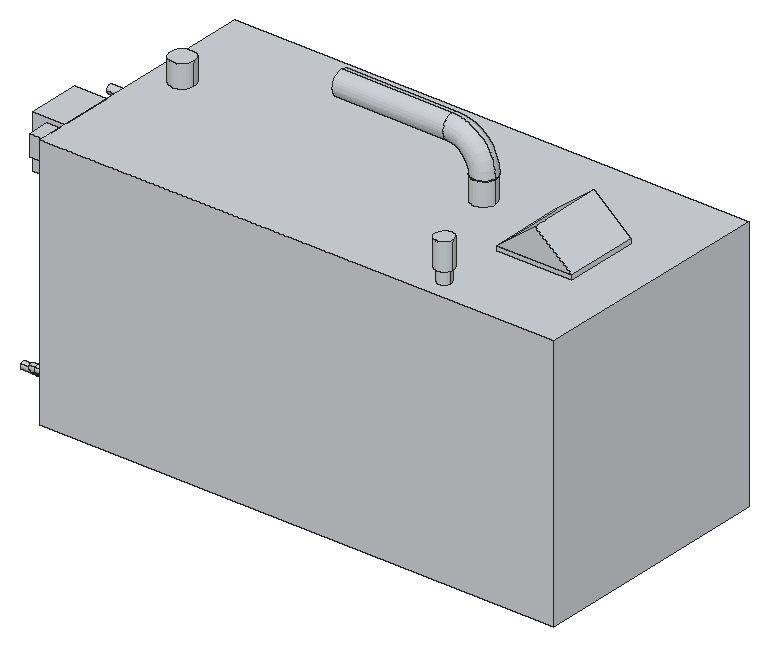
Revit family "AMP_BFIT 3500-4000 Water Heater 1", category Mechanical Equipment, Revit 2021
Family settings
  Round Connector Dimension = Use Diameter
  Part Type = Normal
  OmniClass Number = 23.75.00.00
  OmniClass Title = Climate Control (HVAC)
  Work Plane-Based = No
  Always vertical = Yes
  Cut with Voids When Loaded = No
  Shared = No
  Room Calculation Point = No
Parameters (values of type "AMP/BFIT 3500-4000 Water Heater")
  Width = 46"
  Length = 97 1/8"
  Height = 48 3/8"
  Voltage = ""
  Vent = "12\" EZ Vent"
  Manufacturer = "Bryan Steam"  # constant formula
  Hydronic Supply = "4\" Victaulic"
  Hydronic Return = "4\" Victaulic"
  Gas Train = "2\" NPT"
  Default Elevation = 0"
  Condensate Trap = "1\" Pipe"
  Boiler Drain = "3/4\" NPT"
  Air Supply = "12\""
Reference planes (in)
  plane 1 "Center (Front/Back)": y = 0
  plane 2: z = 0
  plane 3 "Center (Left/Right)": x = 0
  plane 4 "Vent": y = 3.809
  plane 5 "Condensate Trap": y = -18
  plane 6 "Supply 4" Victualic Elbow Style 10": x = 13.9
  plane 7 "3" Supply Manifold": z = 57.75
  plane 8 "3" Supply Elbow Victaulic Style 10": y = 3.809
  plane 9 "Condensate Height": z = 5.75
  plane 10 "Condensate Angle": through (0, -18, 5.75) normal (0, -0.6203, -0.7843)
Forms (in)
  Extrusion 1, solid
    sketch origin (0, 0, 0) x (1, 0, 0) y (0, 1, 0)
      loop
        line (-48.5625, 23) -> (-48.5625, -23) -> (48.5625, -23) -> (48.5625, 23) -> (-48.5625, 23)
    from 0 to 48.375
  Extrusion 2, solid
    sketch origin (0, 0, 48.375) x (1, 0, 0) y (0, 1, 0)
      loop
        line (25.0565, 7) -> (25.0565, -7) -> (39.1525, -7) -> (39.1525, 7) -> (25.0565, 7)
    from 0 to 0.85156
  Extrusion 3, solid
    sketch origin (39.1525, -7, 48.375) x (-1, 0, 0) y (0, 0, -1)
      loop
        line (14.096, -0.85156) -> (0, -0.85156) -> (7.048, -6.57727) -> (14.096, -0.85156)
    from 0 to -14
  Extrusion 4, solid
    sketch origin (0, 0, 48.375) x (1, 0, 0) y (0, 1, 0)
      loop
        circle (-43.0625, 3.75) r 2.25
      loop
        circle (13.9005, 3.75) r 2.25
    from 0 to 4.25
  Extrusion 5, solid
    sketch origin (-48.5625, -23, 0) x (0, 1, 0) y (0, 0, -1)
      loop
        circle (36.875, -13.125) r 6.25
      loop
        circle (36.875, -13.125) r 6.03
    from 0 to 6.25
  Extrusion 6, solid
    sketch origin (-48.5625, -23, 0) x (0, 1, 0) y (0, 0, -1)
      loop
        line (4.72, -48.187) -> (4.72, -44.187) -> (0.72, -44.187) -> (0.72, -48.187) -> (4.72, -48.187)
    from 0 to 2.48047
  Revolve 7, solid
    sketch origin (0, 3.75, 0) x (-1, 0, 0) y (0, 0, 1)
      loop
        line (56.6875, 30.188) -> (56.37185, 36.21098) -> (46.38555, 35.68762) -> (46.7012, 29.66464) -> (56.6875, 30.188)
      axis (46.7012, 29.66464) -> (56.6875, 30.188)
    angle from 0 to 360
  Extrusion 8, solid
    sketch origin (-48.5625, -23, 0) x (0, 1, 0) y (0, 0, -1)
      loop
        circle (26.75, -42.375) r 0.525
      loop
        circle (26.75, -42.375) r 0.412
    from 0 to 5.75
  Sweep 9, solid
    path origin (0, 3.809, 0) x (-1, 0, 0) y (0, 0, 1)
      loop
        line (-13.96464, 52.625) -> (-13.96464, 52.75)
        arc (-13.96464, 52.75) -> (-12.20729, 56.99264) -> (-7.96464, 58.75) r 6
        line (-7.96464, 58.75) -> (12.9375, 58.75)
    profile origin (12.20729, 3.809, 56.99264) x (0.707107, 0, 0.707107) y (0, 1, 0)
      loop
        circle (0, 0) r 2.25
  Extrusion 10, solid
    sketch origin (-48.5625, -23, 0) x (0, 1, 0) y (0, 0, -1)
      loop
        line (15.875, -48.3125) -> (15.875, -38.3125) -> (5.875, -38.3125) -> (5.875, -48.3125) -> (15.875, -48.3125)
    from 0 to 6.125
  Extrusion 11, solid
    sketch origin (0, 0, 48.375) x (1, 0, 0) y (0, 1, 0)
      loop
        circle (24.6875, -19) r 1.1875
    from 0 to 2.5
  Extrusion 12, solid
    sketch origin (0, 0, 50.875) x (1, 0, 0) y (0, 1, 0)
      loop
        circle (24.6875, -19) r 1.6875
    from 0 to 5
  Extrusion 13, solid
    sketch origin (-54.3125, -23, 0) x (0, 1, 0) y (0, 0, -1)
      loop
        circle (26.75, -42.375) r 0.75
    from 0 to 2.375
  Sweep 14, solid
    path origin (0, -10.27015, -0.36343) x (0, -0.784343, 0.620327) y (-1, 0, 0)
      loop
        line (9.85849, 48.5625) -> (9.85849, 53)
        arc (9.85849, 53) -> (9.41915, 54.06066) -> (8.35849, 54.5) r 1.5
        line (8.35849, 54.5) -> (5.48349, 54.5)
        arc (5.48349, 54.5) -> (4.42283, 54.93934) -> (3.98349, 56) r 1.5
        line (3.98349, 56) -> (3.98349, 59.4375)
    profile origin (-50.78125, -18.00259, 5.75205) x (0, 0.784343, -0.620327) y (0, -0.620327, -0.784343)
      loop
        circle (0, 0) r 0.6575
  Extrusion 15, solid
    sketch origin (-48.5625, -23, 0) x (0, 1, 0) y (0, 0, -1)
      loop
        line (43.625, -19.875) -> (43.625, -6.375) -> (30.125, -6.375) -> (30.125, -19.875) -> (43.625, -19.875)
    from 0 to 4.625
Dimensions and locks (in)
  "Height": Extrusion 1 to level
  equal spacing: Extrusion 1 sketch curve, plane 3 "Center (Left/Right)", Extrusion 1 sketch curve
  "Length": Extrusion 1 sketch curve to Extrusion 1 sketch curve
  equal spacing: Extrusion 1 sketch curve, plane 1 "Center (Front/Back)", Extrusion 1 sketch curve
  "Width": Extrusion 1 sketch curve to Extrusion 1 sketch curve
  locked: Extrusion 2 sketch curve to Extrusion 1 at 9.41
  locked: Extrusion 2 sketch curve to Extrusion 2 sketch curve at 14.096
  locked: Extrusion 2 sketch curve to Extrusion 2 sketch curve at 14
  locked: Extrusion 2 sketch curve to Extrusion 1 at 16
  locked: Extrusion 1 to Extrusion 4 sketch curve at 19.25  (x2)
  locked: Extrusion 1 to Extrusion 5 sketch curve at 13.125
  locked: Extrusion 1 to Extrusion 5 sketch curve at 9.125
  level to plane 7 "3" Supply Manifold" = 57 3/4"
  plane 3 "Center (Left/Right)" to plane 6 "Supply 4" Victualic Elbow Style 10" = 13.9"
  locked: plane 8 "3" Supply Elbow Victaulic Style 10" to plane 1 "Center (Front/Back)" at 3.809
  locked: plane 4 "Vent" to plane 1 "Center (Front/Back)" at 3.809
  locked: plane 5 "Condensate Trap" to plane 1 "Center (Front/Back)" at 18
  locked: Extrusion 6 sketch curve to Extrusion 6 sketch curve at 4  (x2)
  Revolve 7 sketch curve to Revolve 7 sketch curve = 6 1/32"
  Extrusion 1 to Extrusion 8 sketch curve = 42 3/8"
  equal spacing: Extrusion 1, Extrusion 8 sketch curve, Extrusion 8 sketch curve  (x2)
  locked: Extrusion 1 to Extrusion 8 sketch curve at 19.25
  locked: Extrusion 1 to Extrusion 4 sketch curve at 5.5
  locked: Extrusion 4 sketch curve to Extrusion 1 at 34.662
  locked: Extrusion 1 to Sweep 9 sketch curve at 35.625
  locked: Extrusion 1 to Sweep 9 sketch curve at 10.375
  Extrusion 1 to Extrusion 5 sketch curve = 13 1/8"
  Extrusion 1 to Extrusion 5 sketch curve = 9 1/8"
  locked: Revolve 7 sketch curve to Extrusion 1 at 8.125
  Extrusion 1 to Revolve 7 sketch curve = 30.188"
  locked: Extrusion 10 sketch curve to Extrusion 1 at 0.0625
  locked: Extrusion 10 sketch curve to Extrusion 10 sketch curve at 10  (x2)
  locked: Extrusion 10 sketch curve to Extrusion 1 at 5.875
  locked: Extrusion 1 to Extrusion 11 sketch curve at 4
  locked: Extrusion 11 sketch curve to Extrusion 1 at 23.875
  locked: Extrusion 12 sketch curve to Extrusion 1 at 23.875
  locked: Extrusion 1 to Extrusion 12 sketch curve at 4
  Extrusion 1 to Extrusion 13 sketch curve = 6"
  Extrusion 1 to Extrusion 13 sketch curve = 19 1/4"
  locked: plane 9 "Condensate Height" to level at 5.75
  locked: Sweep 14 sketch curve to Extrusion 1 at 5.9375
  locked: Sweep 14 sketch curve to Sweep 14 sketch curve at 5.875
  locked: Sweep 14 sketch curve to Extrusion 1 at 10.875
  locked: Extrusion 15 sketch curve to Extrusion 15 sketch curve at 13.5  (x2)
  locked: Extrusion 1 to Extrusion 15 sketch curve at 2.375
  locked: Extrusion 15 sketch curve to Extrusion 1 at 6.375
  radius of Sweep 9 sketch curve = 6"
  diameter of Extrusion 11 sketch curve = 2 3/8"
  diameter of Extrusion 12 sketch curve = 3 3/8"
  diameter of Extrusion 13 sketch curve = 1 1/2"
  diameter of Sweep 14 sketch curve = 1.315"
  locked: plane 9 "Condensate Height" to plane 10 "Condensate Angle" (angle 38.34°)
  aligned and locked: level to plane 2
Automatic sketch dimensions
  Extrusion 3 sketch curve to Extrusion 2 = 0"  (x3)
  Extrusion 3 sketch curve to Extrusion 2 = 7.048"
  Extrusion 3 sketch curve to Extrusion 2 = 5.72571"
  Revolve 7 sketch curve to Revolve 7 sketch curve = 6.32392"
  Revolve 7 sketch curve to Revolve 7 sketch curve = 0"  (x2)
  Extrusion 1 to Extrusion 6 sketch curve = 0.188"
  Extrusion 6 sketch curve to Extrusion 1 = 0.72"
  Revolve 7 sketch curve to plane 7 "3" Supply Manifold" = 28.08536"
  Revolve 7 sketch curve to Revolve 7 sketch curve = 0.31565"
  Extrusion 8 sketch curve to Extrusion 8 sketch curve = 0"  (x2)
  Sweep 9 sketch curve to plane 8 "3" Supply Elbow Victaulic Style 10" = 0"
  Sweep 9 sketch curve to profile plane = 0"
  Sweep 9 sketch curve to plane 6 "Supply 4" Victualic Elbow Style 10" = 5.93536"
  Sweep 9 sketch curve to Sweep 9 sketch curve = 1/8"
  Sweep 14 sketch curve to plane 3 "Center (Left/Right)" = 56"
  Sweep 14 sketch curve to Sweep 14 sketch curve = 2 7/8"
  Sweep 14 sketch curve to Sweep 14 sketch curve = 4 7/16"
  plane 10 "Condensate Angle" to Sweep 14 sketch curve = 0"
  Sweep 14 sketch curve to profile plane = 0"
  radius of Extrusion 5 sketch curve = 6 1/4"
  radius of Extrusion 5 sketch curve = 6.03"
  radius of Extrusion 8 sketch curve = 0.412"
  radius of Extrusion 8 sketch curve = 0.525"
  radius of Extrusion 4 sketch curve = 2 1/4"  (x2)
  radius of Sweep 9 sketch curve = 2 1/4"
Connectors (in)
  piping at (-43.0625, 3.75, 52.625), diameter 4
    settings: on Extrusion 4, index 2, connector inside diameter 24", connector length 0", flow factor 0, pipe flow 0 GPM, pressure drop 0.00 psi, fitting loss kfactor 0, connector angle 0.00°, fixture units 0, engagement length 0", angle of deflection 0.00°, flow configuration 0, flow direction 1, fitting loss method 0, system type 8, joint type 0, gender type 0, connector reference index -1, connector utility 0, adjustable connector no, is connector primary yes, connector description ""
  piping at (-54.8125, 13.875, 13.125), diameter 12
    settings: on Extrusion 5, index 4, connector inside diameter 24", connector length 0", flow factor 0, pipe flow 0 GPM, pressure drop 0.00 psi, fitting loss kfactor 0, connector angle 0.00°, fixture units 0, engagement length 0", angle of deflection 0.00°, flow configuration 0, flow direction 1, fitting loss method 0, system type 22, joint type 0, gender type 0, connector reference index -1, connector utility 0, adjustable connector no, is connector primary no, connector description ""
  piping at (-12.9375, 3.809, 58.75), diameter 4
    settings: on Sweep 9, index 7, connector inside diameter 24", connector length 0", flow factor 0, pipe flow 0 GPM, pressure drop 0.00 psi, fitting loss kfactor 0, connector angle 0.00°, fixture units 0, engagement length 0", angle of deflection 0.00°, flow configuration 0, flow direction 2, fitting loss method 0, system type 7, joint type 0, gender type 0, connector reference index -1, connector utility 0, adjustable connector no, is connector primary no, connector description ""
  piping at (-56.6875, 3.75, 30.188), diameter 12
    settings: on Revolve 7, index 9, connector inside diameter 24", connector length 0", flow factor 0, pipe flow 0 GPM, pressure drop 0.00 psi, fitting loss kfactor 0, connector angle 0.00°, fixture units 0, engagement length 0", angle of deflection 0.00°, flow configuration 0, flow direction 2, fitting loss method 0, system type 17, joint type 0, gender type 0, connector reference index -1, connector utility 0, adjustable connector no, is connector primary no, connector description ""
  piping at (24.6875, -19, 55.875), diameter 2
    settings: on Extrusion 12, index 10, connector inside diameter 24", connector length 0", flow factor 0, pipe flow 0 GPM, pressure drop 0.00 psi, fitting loss kfactor 0, connector angle 0.00°, fixture units 0, engagement length 0", angle of deflection 0.00°, flow configuration 0, flow direction 1, fitting loss method 0, system type 22, joint type 0, gender type 0, connector reference index -1, connector utility 0, adjustable connector no, is connector primary no, connector description ""
  piping at (-56.6875, 3.75, 42.375), diameter 0.75
    settings: on Extrusion 13, index 11, connector inside diameter 24", connector length 0", flow factor 0, pipe flow 0 GPM, pressure drop 0.00 psi, fitting loss kfactor 0, connector angle 0.00°, fixture units 0, engagement length 0", angle of deflection 0.00°, flow configuration 0, flow direction 2, fitting loss method 0, system type 22, joint type 0, gender type 0, connector reference index -1, connector utility 0, adjustable connector no, is connector primary no, connector description ""
  piping at (-59.4375, -13.39458, 2.10763), diameter 1
    settings: on Sweep 14, index 12, connector inside diameter 24", connector length 0", flow factor 0, pipe flow 0 GPM, pressure drop 0.00 psi, fitting loss kfactor 0, connector angle 0.00°, fixture units 0, engagement length 0", angle of deflection 0.00°, flow configuration 0, flow direction 2, fitting loss method 0, system type 22, joint type 0, gender type 0, connector reference index -1, connector utility 0, adjustable connector no, is connector primary no, connector description ""
